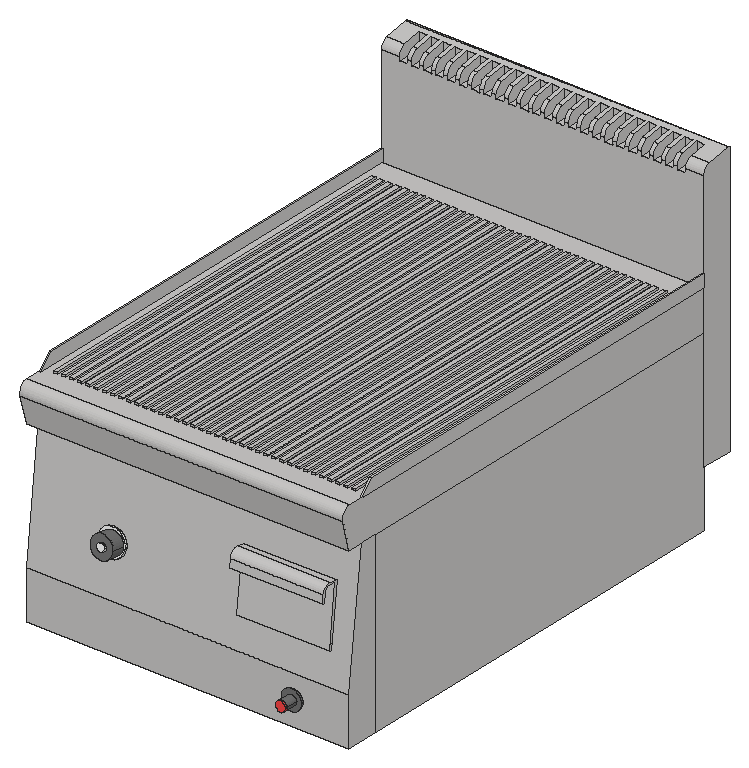
Revit family "QF_GIORIK_LGG4910", category Specialty Equipment, Revit 2014
Parameters (values of type "LGG4910")
  Weight in Pounds = 90.3894
  URL Cutsheet = "www.giorik.com"
  URL = "www.giorik.com"
  Status [instance] = ""
  Specification by User [instance] = ""
  Specification by Manufacturer = ""
  Show Logo [instance] = yes
  Show Clearance [instance] = yes
  Serial Number = ""
  Seismic Rating = ""
  SMACNA No = ""
  Revision Code [instance] = ""
  NAFEM Spec ID Number = ""
  Model = "LGG4910"
  Mechanical Remarks [instance] = "Natural Gas"
  Mechanical Connection Type [instance] = ""
  Masterspec = ""
  Manufacturer = "GIORIK"
  Item Number [instance] = ""
  Installed By [instance] = ""
  Identify Quantity as Lot [instance] = no
  Gas Size = 1"
  Gas RI Height [instance] = 0 mm
  Gas KW = 4.6
  Gas Input = 4600 W
  Gas Connection Height [instance] = 45 mm
  Furnished By [instance] = ""
  Foodservice Equipment Identifier [instance] = yes
  Description = "GRIDDLE RIBBED"
  CSI MasterFormat = ""
  Assembly Code = "E1090320"
Reference planes
  plane 1 "Back": y = 0
  plane 2: z = 0
  plane 3 "Left": x = 0
  plane 4 "Right": x = 400
  plane 5 "Front": y = -600
  plane 6 "Top": z = 430
Forms (mm)
  Extrusion 1, solid
    sketch origin (0, 1000, -580) x (0, 1, 0) y (0, 0, 1)
      loop
        line (-1040.007, 869.975) -> (-1589.445, 869.975)
        arc (-1589.445, 869.975) -> (-1598.171, 865.672) -> (-1600.069, 856.13) r 10.999
        line (-1600.069, 856.13) -> (-1590.388, 820) -> (-1040.007, 820) -> (-1040.007, 869.975)
    from 0 to 400
  Extrusion 2, solid
    sketch origin (0, 0, -560) x (0, 1, 0) y (0, 0, 1)
      loop
        line (-570.06, 849.975) -> (-40.007, 849.975) -> (-40.007, 865.387) -> (-554.648, 865.387) -> (-570.06, 849.975)
    from 0 to 1.85
  Extrusion 3, solid
    sketch origin (0, 0, -560) x (0, 1, 0) y (0, 0, 1)
      loop
        line (-40.007, 800) -> (-550, 800) -> (-550, 580) -> (-40.007, 580) -> (-40.007, 800)
    from 0 to 400
  Extrusion 4, solid
    sketch origin (0, 0, -560) x (0, 1, 0) y (0, 0, 1)
      loop
        line (-550, 800) -> (-570.5, 800) -> (-590, 640) -> (-590, 580) -> (-550, 580) -> (-550, 800)
    from 0 to 400
  Extrusion 5, solid
    sketch origin (398.094, 0, -560) x (0, 1, 0) y (0, 0, 1)
      loop
        line (-570.06, 849.975) -> (-40.007, 849.975) -> (-40.007, 865.387) -> (-554.648, 865.387) -> (-570.06, 849.975)
    from -0.15 to 1.906
  Extrusion 6, solid
    sketch origin (0, 0, -560) x (0, 1, 0) y (0, 0, 1)
      loop
        line (-40.007, 974.217) -> (-40.007, 650.827) -> (0, 650.827) -> (0, 988.42)
        arc (0, 988.42) -> (-0.57, 989.648) -> (-1.878, 990) r 1.6
        line (-1.878, 990) -> (-31.072, 984.852)
        arc (-31.072, 984.852) -> (-37.477, 981.162) -> (-40.007, 974.217) r 10.797
    from 0 to 400
  Extrusion 7, solid
    sketch origin (103.819, 0, -561) x (1, 0, 0) y (0, 0, 1)
      loop
        circle (-38.319, 606) r 12.5
    from 20.007 to 40.007
  Extrusion 8, void
    sketch origin (7.5, 0, 430) x (0, 1, 0) y (-1, 0, 0)
      loop
        line (-40.007, -25) -> (-9.931, -25) -> (-9.931, -15) -> (-40.007, -15) -> (-40.007, -25)
      loop
        line (-40.007, -40) -> (-9.931, -40) -> (-9.931, -30) -> (-40.007, -30) -> (-40.007, -40)
      loop
        line (-40.007, -55) -> (-9.931, -55) -> (-9.931, -45) -> (-40.007, -45) -> (-40.007, -55)
      loop
        line (-40.007, -70) -> (-9.931, -70) -> (-9.931, -60) -> (-40.007, -60) -> (-40.007, -70)
      loop
        line (-40.007, -85) -> (-9.931, -85) -> (-9.931, -75) -> (-40.007, -75) -> (-40.007, -85)
      loop
        line (-40.007, -100) -> (-9.931, -100) -> (-9.931, -90) -> (-40.007, -90) -> (-40.007, -100)
      loop
        line (-40.007, -115) -> (-9.931, -115) -> (-9.931, -105) -> (-40.007, -105) -> (-40.007, -115)
      loop
        line (-40.007, -130) -> (-9.931, -130) -> (-9.931, -120) -> (-40.007, -120) -> (-40.007, -130)
      loop
        line (-40.007, -145) -> (-9.931, -145) -> (-9.931, -135) -> (-40.007, -135) -> (-40.007, -145)
      loop
        line (-40.007, -160) -> (-9.931, -160) -> (-9.931, -150) -> (-40.007, -150) -> (-40.007, -160)
      loop
        line (-40.007, -175) -> (-9.931, -175) -> (-9.931, -165) -> (-40.007, -165) -> (-40.007, -175)
      loop
        line (-40.007, -190) -> (-9.931, -190) -> (-9.931, -180) -> (-40.007, -180) -> (-40.007, -190)
      loop
        line (-40.007, -205) -> (-9.931, -205) -> (-9.931, -195) -> (-40.007, -195) -> (-40.007, -205)
      loop
        line (-40.007, -220) -> (-9.931, -220) -> (-9.931, -210) -> (-40.007, -210) -> (-40.007, -220)
      loop
        line (-40.007, -235) -> (-9.931, -235) -> (-9.931, -225) -> (-40.007, -225) -> (-40.007, -235)
      loop
        line (-40.007, -250) -> (-9.931, -250) -> (-9.931, -240) -> (-40.007, -240) -> (-40.007, -250)
      loop
        line (-40.007, -265) -> (-9.931, -265) -> (-9.931, -255) -> (-40.007, -255) -> (-40.007, -265)
      loop
        line (-40.007, -280) -> (-9.931, -280) -> (-9.931, -270) -> (-40.007, -270) -> (-40.007, -280)
      loop
        line (-40.007, -295) -> (-9.931, -295) -> (-9.931, -285) -> (-40.007, -285) -> (-40.007, -295)
      loop
        line (-40.007, -310) -> (-9.931, -310) -> (-9.931, -300) -> (-40.007, -300) -> (-40.007, -310)
      loop
        line (-40.007, -325) -> (-9.931, -325) -> (-9.931, -315) -> (-40.007, -315) -> (-40.007, -325)
      loop
        line (-40.007, -340) -> (-9.931, -340) -> (-9.931, -330) -> (-40.007, -330) -> (-40.007, -340)
      loop
        line (-40.007, -355) -> (-9.931, -355) -> (-9.931, -345) -> (-40.007, -345) -> (-40.007, -355)
      loop
        line (-40.007, -370) -> (-9.931, -370) -> (-9.931, -360) -> (-40.007, -360) -> (-40.007, -370)
    from 0 to -20
  Extrusion 9, solid
    sketch origin (566.603, 15.293, -30) x (0, 1, 0) y (-1, 0, 0)
      loop
        circle (-79.293, 516.603) r 5
    from 41.965 to 50
  Revolve 10, solid
    sketch origin (50, 19.943, -600) x (0, 1, 0) y (0, 0, 1)
      loop
        line (-83.943, 611.965) -> (-94.752, 611.965) -> (-97.943, 600) -> (-83.943, 600) -> (-83.943, 611.965)
      axis (-83.943, 611.965) -> (-83.943, 600)
    angle from 0 to 360
  Extrusion 11, solid
    sketch origin (-166.603, 15.293, -30) x (0, 1, 0) y (-1, 0, 0)
      loop
        circle (-79.293, -516.603) r 5
    from 41.965 to 50
  Revolve 12, solid
    sketch origin (350, 19.943, -600) x (0, 1, 0) y (0, 0, -1)
      loop
        line (-83.943, -611.965) -> (-83.943, -600) -> (-97.943, -600) -> (-94.752, -611.965) -> (-83.943, -611.965)
      axis (-83.943, -611.965) -> (-83.943, -600)
    angle from 0 to 360
  Extrusion 13, solid
    sketch origin (566.603, -459.707, -30) x (0, 1, 0) y (-1, 0, 0)
      loop
        circle (-79.293, 516.603) r 5
    from 41.965 to 50
  Revolve 14, solid
    sketch origin (50, -455.057, -600) x (0, 1, 0) y (0, 0, 1)
      loop
        line (-83.943, 611.965) -> (-94.752, 611.965) -> (-97.943, 600) -> (-83.943, 600) -> (-83.943, 611.965)
      axis (-83.943, 611.965) -> (-83.943, 600)
    angle from 0 to 360
  Extrusion 15, solid
    sketch origin (-166.603, -459.707, -30) x (0, 1, 0) y (-1, 0, 0)
      loop
        circle (-79.293, -516.603) r 5
    from 41.965 to 50
  Revolve 16, solid
    sketch origin (350, -455.057, -600) x (0, 1, 0) y (0, 0, -1)
      loop
        line (-83.943, -611.965) -> (-83.943, -600) -> (-97.943, -600) -> (-94.752, -611.965) -> (-83.943, -611.965)
      axis (-83.943, -611.965) -> (-83.943, -600)
    angle from 0 to 360
  Extrusion 17, solid
    sketch origin (122.5, -695.138, -437.283) x (0, 0.992655, -0.12098) y (0, 0.12098, 0.992655)
      loop
        line (40, 640.1) -> (30, 640.1)
        arc (30, 640.1) -> (22.929, 637.171) -> (20, 630.1) r 10
        line (20, 630.1) -> (20, 620.1) -> (22, 620.1) -> (22, 630.1)
        arc (22, 630.1) -> (24.343, 635.757) -> (30, 638.1) r 8
        line (30, 638.1) -> (38, 638.1) -> (38, 565.1) -> (40, 565.1) -> (40, 640.1)
    from 137.5 to 252.5
  Extrusion 18, solid
    sketch origin (-160, 64.993, -573.525) x (1, 0, 0) y (0, 1, 0)
      loop
        line (172.5, -135) -> (172.5, -628.345) -> (177.5, -628.345) -> (177.5, -135) -> (172.5, -135)
      loop
        line (182.5, -135) -> (182.5, -628.345) -> (187.5, -628.345) -> (187.5, -135) -> (182.5, -135)
      loop
        line (192.5, -135) -> (192.5, -628.345) -> (197.5, -628.345) -> (197.5, -135) -> (192.5, -135)
      loop
        line (202.5, -135) -> (202.5, -628.345) -> (207.5, -628.345) -> (207.5, -135) -> (202.5, -135)
      loop
        line (212.5, -135) -> (212.5, -628.345) -> (217.5, -628.345) -> (217.5, -135) -> (212.5, -135)
      loop
        line (222.5, -135) -> (222.5, -628.345) -> (227.5, -628.345) -> (227.5, -135) -> (222.5, -135)
      loop
        line (232.5, -135) -> (232.5, -628.345) -> (237.5, -628.345) -> (237.5, -135) -> (232.5, -135)
      loop
        line (242.5, -135) -> (242.5, -628.345) -> (247.5, -628.345) -> (247.5, -135) -> (242.5, -135)
      loop
        line (252.5, -135) -> (252.5, -628.345) -> (257.5, -628.345) -> (257.5, -135) -> (252.5, -135)
      loop
        line (262.5, -135) -> (262.5, -628.345) -> (267.5, -628.345) -> (267.5, -135) -> (262.5, -135)
      loop
        line (272.5, -135) -> (272.5, -628.345) -> (277.5, -628.345) -> (277.5, -135) -> (272.5, -135)
      loop
        line (282.5, -135) -> (282.5, -628.345) -> (287.5, -628.345) -> (287.5, -135) -> (282.5, -135)
      loop
        line (292.5, -135) -> (292.5, -628.345) -> (297.5, -628.345) -> (297.5, -135) -> (292.5, -135)
      loop
        line (302.5, -135) -> (302.5, -628.345) -> (307.5, -628.345) -> (307.5, -135) -> (302.5, -135)
      loop
        line (312.5, -135) -> (312.5, -628.345) -> (317.5, -628.345) -> (317.5, -135) -> (312.5, -135)
      loop
        line (322.5, -135) -> (322.5, -628.345) -> (327.5, -628.345) -> (327.5, -135) -> (322.5, -135)
      loop
        line (332.5, -135) -> (332.5, -628.345) -> (337.5, -628.345) -> (337.5, -135) -> (332.5, -135)
      loop
        line (342.5, -135) -> (342.5, -628.345) -> (347.5, -628.345) -> (347.5, -135) -> (342.5, -135)
      loop
        line (352.5, -135) -> (352.5, -628.345) -> (357.5, -628.345) -> (357.5, -135) -> (352.5, -135)
      loop
        line (362.5, -135) -> (362.5, -628.345) -> (367.5, -628.345) -> (367.5, -135) -> (362.5, -135)
      loop
        line (372.5, -135) -> (372.5, -628.345) -> (377.5, -628.345) -> (377.5, -135) -> (372.5, -135)
      loop
        line (382.5, -135) -> (382.5, -628.345) -> (387.5, -628.345) -> (387.5, -135) -> (382.5, -135)
      loop
        line (392.5, -135) -> (392.5, -628.345) -> (397.5, -628.345) -> (397.5, -135) -> (392.5, -135)
      loop
        line (402.5, -135) -> (402.5, -628.345) -> (407.5, -628.345) -> (407.5, -135) -> (402.5, -135)
      loop
        line (412.5, -135) -> (412.5, -628.345) -> (417.5, -628.345) -> (417.5, -135) -> (412.5, -135)
      loop
        line (422.5, -135) -> (422.5, -628.345) -> (427.5, -628.345) -> (427.5, -135) -> (422.5, -135)
      loop
        line (432.5, -135) -> (432.5, -628.345) -> (437.5, -628.345) -> (437.5, -135) -> (432.5, -135)
      loop
        line (442.5, -135) -> (442.5, -628.345) -> (447.5, -628.345) -> (447.5, -135) -> (442.5, -135)
      loop
        line (452.5, -135) -> (452.5, -628.345) -> (457.5, -628.345) -> (457.5, -135) -> (452.5, -135)
      loop
        line (462.5, -135) -> (462.5, -628.345) -> (467.5, -628.345) -> (467.5, -135) -> (462.5, -135)
      loop
        line (472.5, -135) -> (472.5, -628.345) -> (477.5, -628.345) -> (477.5, -135) -> (472.5, -135)
      loop
        line (482.5, -135) -> (482.5, -628.345) -> (487.5, -628.345) -> (487.5, -135) -> (482.5, -135)
      loop
        line (492.5, -135) -> (492.5, -628.345) -> (497.5, -628.345) -> (497.5, -135) -> (492.5, -135)
      loop
        line (502.5, -135) -> (502.5, -628.345) -> (507.5, -628.345) -> (507.5, -135) -> (502.5, -135)
      loop
        line (512.5, -135) -> (512.5, -628.345) -> (517.5, -628.345) -> (517.5, -135) -> (512.5, -135)
      loop
        line (522.5, -135) -> (522.5, -628.345) -> (527.5, -628.345) -> (527.5, -135) -> (522.5, -135)
      loop
        line (532.5, -135) -> (532.5, -628.345) -> (537.5, -628.345) -> (537.5, -135) -> (532.5, -135)
      loop
        line (542.5, -135) -> (542.5, -628.345) -> (547.5, -628.345) -> (547.5, -135) -> (542.5, -135)
    from 863.5 to 865.5
  Extrusion 19, solid
    sketch origin (101, -611.604, -97.266) x (1, 0, 0) y (0, 0.12098, 0.992655)
      loop
        circle (0, 240) r 14
    from 0 to 17.552
  Extrusion 20, solid
    sketch origin (101, -611.604, -97.266) x (1, 0, 0) y (0, 0.12098, 0.992655)
      loop
        circle (0, 240) r 17
    from 0 to 1.96
  Extrusion 21, solid
    sketch origin (31, -20.893, -68.392) x (1, 0, 0) y (0, 0.12098, 0.992655)
      loop
        circle (70, 139.874) r 5
    from 601.431 to 599.431
  Extrusion 22, solid
    sketch origin (291.298, -565.606, -661.693) x (1, 0, 0) y (0, 0.001091, 0.999999)
      loop
        circle (38.702, 711.666) r 12.5
    from 25 to 27
  Extrusion 23, solid
    sketch origin (-434.91, -592.613, -668.086) x (1, 0, 0) y (0, 0.001091, 0.999999)
      loop
        circle (764.91, 718.089) r 6
    from 0 to 15
  Extrusion 24, solid
    sketch origin (-434.91, -593.775, -668.085) x (1, 0, 0) y (0, 0.001091, 0.999999)
      loop
        circle (764.91, 718.089) r 6
    from 13.838 to 15.838
Cuts and joins
  Extrusion 8 cuts Extrusion 6
Lines and regions (mm)
  symbolic lines, style "200-EquipBorder-2D"
    curve 1: line (400, 0, 0) -> (0, 0, 0)
    curve 2: line (0, 0, 0) -> (0, -600, 0)
    curve 80: line (0, -600, 430) -> (400, -600, 430)
    curve 81: line (400, -600, 430) -> (400, 0, 430)
    curve 234: line (324, -608.829, 430) -> (324, -600, 430)
    curve 235: line (324, -608.829, 430) -> (336, -608.829, 430)
    curve 236: line (336, -608.829, 430) -> (336, -600, 430)
  symbolic lines, style "200-EquipInternal-2D"
    curve 3: line (400, -40.007, 430) -> (0, -40.007, 430)
    curve 4: line (397.944, -570.06, 430) -> (400, -570.06, 430)
    curve 5: line (397.944, -40.007, 430) -> (397.944, -570.06, 430)
    curve 6: line (0, -570.06, 430) -> (1.85, -570.06, 430)
    curve 7: line (1.85, -570.06, 430) -> (1.85, -40.007, 430)
    curve 8: line (22.5, -9.931, 290) -> (22.5, -40.007, 290)
    curve 9: line (32.5, -40.007, 290) -> (32.5, -9.931, 290)
    curve 10: line (37.5, -9.931, 290) -> (37.5, -40.007, 290)
    curve 11: line (47.5, -40.007, 290) -> (47.5, -9.931, 290)
    curve 12: line (52.5, -9.931, 290) -> (52.5, -40.007, 290)
    curve 13: line (62.5, -40.007, 290) -> (62.5, -9.931, 290)
    curve 14: line (82.5, -9.931, 290) -> (82.5, -40.007, 290)
    curve 15: line (92.5, -40.007, 290) -> (92.5, -9.931, 290)
    curve 16: line (97.5, -9.931, 290) -> (97.5, -40.007, 290)
    curve 17: line (107.5, -40.007, 290) -> (107.5, -9.931, 290)
    curve 18: line (137.5, -40.007, 290) -> (137.5, -9.931, 290)
    curve 19: line (127.5, -9.931, 290) -> (127.5, -40.007, 290)
    curve 20: line (152.5, -40.007, 290) -> (152.5, -9.931, 290)
    curve 21: line (157.5, -9.931, 290) -> (157.5, -40.007, 290)
    curve 22: line (167.5, -40.007, 290) -> (167.5, -9.931, 290)
    curve 23: line (142.5, -9.931, 290) -> (142.5, -40.007, 290)
    curve 24: line (197.5, -40.007, 290) -> (197.5, -9.931, 290)
    curve 25: line (187.5, -9.931, 290) -> (187.5, -40.007, 290)
    curve 26: line (202.5, -9.931, 290) -> (202.5, -40.007, 290)
    curve 27: line (212.5, -40.007, 290) -> (212.5, -9.931, 290)
    curve 28: line (217.5, -9.931, 290) -> (217.5, -40.007, 290)
    curve 29: line (227.5, -40.007, 290) -> (227.5, -9.931, 290)
    curve 30: line (247.5, -9.931, 290) -> (247.5, -40.007, 290)
    curve 31: line (257.5, -40.007, 290) -> (257.5, -9.931, 290)
    curve 32: line (262.5, -9.931, 290) -> (262.5, -40.007, 290)
    curve 33: line (272.5, -40.007, 290) -> (272.5, -9.931, 290)
    curve 34: line (277.5, -9.931, 290) -> (277.5, -40.007, 290)
    curve 35: line (287.5, -40.007, 290) -> (287.5, -9.931, 290)
    curve 36: line (317.5, -40.007, 290) -> (317.5, -9.931, 290)
    curve 37: line (307.5, -9.931, 290) -> (307.5, -40.007, 290)
    curve 38: line (332.5, -40.007, 290) -> (332.5, -9.931, 290)
    curve 39: line (322.5, -9.931, 290) -> (322.5, -40.007, 290)
    curve 40: line (337.5, -9.931, 290) -> (337.5, -40.007, 290)
    curve 41: line (347.5, -40.007, 290) -> (347.5, -9.931, 290)
    curve 42: line (367.5, -9.931, 290) -> (367.5, -40.007, 290)
    curve 43: line (377.5, -40.007, 290) -> (377.5, -9.931, 290)
    curve 44: line (377.5, -9.931, 290) -> (367.5, -9.931, 290)
    curve 45: line (347.5, -9.931, 290) -> (337.5, -9.931, 290)
    curve 46: line (332.5, -9.931, 290) -> (322.5, -9.931, 290)
    curve 47: line (317.5, -9.931, 290) -> (307.5, -9.931, 290)
    curve 48: line (272.5, -9.931, 290) -> (262.5, -9.931, 290)
    curve 49: line (107.5, -9.931, 290) -> (97.5, -9.931, 290)
    curve 50: line (92.5, -9.931, 290) -> (82.5, -9.931, 290)
    curve 51: line (62.5, -9.931, 290) -> (52.5, -9.931, 290)
    curve 52: line (32.5, -9.931, 290) -> (22.5, -9.931, 290)
    curve 53: line (137.5, -9.931, 290) -> (127.5, -9.931, 290)
    curve 54: line (152.5, -9.931, 290) -> (142.5, -9.931, 290)
    curve 55: line (167.5, -9.931, 290) -> (157.5, -9.931, 290)
    curve 56: line (197.5, -9.931, 290) -> (187.5, -9.931, 290)
    curve 57: line (212.5, -9.931, 290) -> (202.5, -9.931, 290)
    curve 58: line (227.5, -9.931, 290) -> (217.5, -9.931, 290)
    curve 59: line (257.5, -9.931, 290) -> (247.5, -9.931, 290)
    curve 60: line (47.5, -9.931, 290) -> (37.5, -9.931, 290)
    curve 61: line (67.5, -9.931, 430) -> (67.5, -40.007, 430)
    curve 62: line (77.5, -40.007, 430) -> (77.5, -9.931, 430)
    curve 63: line (77.5, -9.931, 430) -> (67.5, -9.931, 430)
    curve 64: line (112.5, -9.931, 430) -> (112.5, -40.007, 430)
    curve 65: line (122.5, -40.007, 430) -> (122.5, -9.931, 430)
    curve 66: line (122.5, -9.931, 430) -> (112.5, -9.931, 430)
    curve 67: line (172.5, -9.931, 430) -> (172.5, -40.007, 430)
    curve 68: line (182.5, -40.007, 430) -> (182.5, -9.931, 430)
    curve 69: line (182.5, -9.931, 430) -> (172.5, -9.931, 430)
    curve 70: line (232.5, -9.931, 430) -> (232.5, -40.007, 430)
    curve 71: line (242.5, -40.007, 430) -> (242.5, -9.931, 430)
    curve 72: line (242.5, -9.931, 430) -> (232.5, -9.931, 430)
    curve 73: line (287.5, -9.931, 430) -> (277.5, -9.931, 430)
    curve 74: line (302.5, -9.931, 430) -> (292.5, -9.931, 430)
    curve 75: line (292.5, -9.931, 430) -> (292.5, -40.007, 430)
    curve 76: line (302.5, -40.007, 430) -> (302.5, -9.931, 430)
    curve 77: line (352.5, -9.931, 430) -> (352.5, -40.007, 430)
    curve 78: line (362.5, -40.007, 430) -> (362.5, -9.931, 430)
    curve 79: line (362.5, -9.931, 430) -> (352.5, -9.931, 430)
    curve 82: line (17.5, -70.007, 290) -> (12.5, -70.007, 290)
    curve 83: line (27.5, -70.007, 290) -> (22.5, -70.007, 290)
    curve 84: line (37.5, -70.007, 290) -> (32.5, -70.007, 290)
    curve 85: line (47.5, -70.007, 290) -> (42.5, -70.007, 290)
    curve 86: line (57.5, -70.007, 290) -> (52.5, -70.007, 290)
    curve 87: line (67.5, -70.007, 290) -> (62.5, -70.007, 290)
    curve 88: line (77.5, -70.007, 290) -> (72.5, -70.007, 290)
    curve 89: line (87.5, -70.007, 290) -> (82.5, -70.007, 290)
    curve 90: line (97.5, -70.007, 290) -> (92.5, -70.007, 290)
    curve 91: line (92.5, -70.007, 290) -> (92.5, -563.352, 290)
    curve 92: line (87.5, -563.352, 290) -> (87.5, -70.007, 290)
    curve 93: line (82.5, -70.007, 290) -> (82.5, -563.352, 290)
    curve 94: line (77.5, -563.352, 290) -> (77.5, -70.007, 290)
    curve 95: line (72.5, -70.007, 290) -> (72.5, -563.352, 290)
    curve 96: line (62.5, -70.007, 290) -> (62.5, -563.352, 290)
    curve 97: line (67.5, -563.352, 290) -> (67.5, -70.007, 290)
    curve 98: line (57.5, -563.352, 290) -> (57.5, -70.007, 290)
    curve 99: line (52.5, -70.007, 290) -> (52.5, -563.352, 290)
    curve 100: line (47.5, -563.352, 290) -> (47.5, -70.007, 290)
    curve 101: line (42.5, -70.007, 290) -> (42.5, -563.352, 290)
    curve 102: line (37.5, -563.352, 290) -> (37.5, -70.007, 290)
    curve 103: line (32.5, -70.007, 290) -> (32.5, -563.352, 290)
    curve 104: line (22.5, -70.007, 290) -> (22.5, -563.352, 290)
    curve 105: line (17.5, -563.352, 290) -> (17.5, -70.007, 290)
    curve 106: line (12.5, -70.007, 290) -> (12.5, -563.352, 290)
    curve 107: line (27.5, -563.352, 290) -> (27.5, -70.007, 290)
    curve 108: line (167.5, -563.352, 290) -> (167.5, -70.007, 290)
    curve 109: line (162.5, -70.007, 290) -> (162.5, -563.352, 290)
    curve 110: line (157.5, -563.352, 290) -> (157.5, -70.007, 290)
    curve 111: line (152.5, -70.007, 290) -> (152.5, -563.352, 290)
    curve 112: line (147.5, -563.352, 290) -> (147.5, -70.007, 290)
    curve 113: line (142.5, -70.007, 290) -> (142.5, -563.352, 290)
    curve 114: line (137.5, -563.352, 290) -> (137.5, -70.007, 290)
    curve 115: line (132.5, -70.007, 290) -> (132.5, -563.352, 290)
    curve 116: line (127.5, -563.352, 290) -> (127.5, -70.007, 290)
    curve 117: line (122.5, -70.007, 290) -> (122.5, -563.352, 290)
    curve 118: line (117.5, -563.352, 290) -> (117.5, -70.007, 290)
    curve 119: line (112.5, -70.007, 290) -> (112.5, -563.352, 290)
    curve 120: line (107.5, -563.352, 290) -> (107.5, -70.007, 290)
    curve 121: line (102.5, -70.007, 290) -> (102.5, -563.352, 290)
    curve 122: line (97.5, -563.352, 290) -> (97.5, -70.007, 290)
    curve 123: line (107.5, -70.007, 290) -> (102.5, -70.007, 290)
    curve 124: line (117.5, -70.007, 290) -> (112.5, -70.007, 290)
    curve 125: line (127.5, -70.007, 290) -> (122.5, -70.007, 290)
    curve 126: line (137.5, -70.007, 290) -> (132.5, -70.007, 290)
    curve 127: line (147.5, -70.007, 290) -> (142.5, -70.007, 290)
    curve 128: line (157.5, -70.007, 290) -> (152.5, -70.007, 290)
    curve 129: line (167.5, -70.007, 290) -> (162.5, -70.007, 290)
    curve 130: line (172.5, -70.007, 290) -> (172.5, -563.352, 290)
    curve 131: line (177.5, -563.352, 290) -> (177.5, -70.007, 290)
    curve 132: line (182.5, -70.007, 290) -> (182.5, -563.352, 290)
    curve 133: line (187.5, -563.352, 290) -> (187.5, -70.007, 290)
    curve 134: line (192.5, -70.007, 290) -> (192.5, -563.352, 290)
    curve 135: line (197.5, -563.352, 290) -> (197.5, -70.007, 290)
    curve 136: line (202.5, -70.007, 290) -> (202.5, -563.352, 290)
    curve 137: line (207.5, -563.352, 290) -> (207.5, -70.007, 290)
    curve 138: line (212.5, -70.007, 290) -> (212.5, -563.352, 290)
    curve 139: line (217.5, -563.352, 290) -> (217.5, -70.007, 290)
    curve 140: line (222.5, -70.007, 290) -> (222.5, -563.352, 290)
    curve 141: line (227.5, -563.352, 290) -> (227.5, -70.007, 290)
    curve 142: line (232.5, -70.007, 290) -> (232.5, -563.352, 290)
    curve 143: line (237.5, -563.352, 290) -> (237.5, -70.007, 290)
    curve 144: line (242.5, -70.007, 290) -> (242.5, -563.352, 290)
    curve 145: line (247.5, -563.352, 290) -> (247.5, -70.007, 290)
    curve 146: line (252.5, -70.007, 290) -> (252.5, -563.352, 290)
    curve 147: line (257.5, -563.352, 290) -> (257.5, -70.007, 290)
    curve 148: line (262.5, -70.007, 290) -> (262.5, -563.352, 290)
    curve 149: line (267.5, -563.352, 290) -> (267.5, -70.007, 290)
    curve 150: line (272.5, -70.007, 290) -> (272.5, -563.352, 290)
    curve 151: line (277.5, -563.352, 290) -> (277.5, -70.007, 290)
    curve 152: line (282.5, -70.007, 290) -> (282.5, -563.352, 290)
    curve 153: line (287.5, -563.352, 290) -> (287.5, -70.007, 290)
    curve 154: line (292.5, -70.007, 290) -> (292.5, -563.352, 290)
    curve 155: line (297.5, -563.352, 290) -> (297.5, -70.007, 290)
    curve 156: line (302.5, -70.007, 290) -> (302.5, -563.352, 290)
    curve 157: line (307.5, -563.352, 290) -> (307.5, -70.007, 290)
    curve 158: line (312.5, -70.007, 290) -> (312.5, -563.352, 290)
    curve 159: line (317.5, -563.352, 290) -> (317.5, -70.007, 290)
    curve 160: line (322.5, -70.007, 290) -> (322.5, -563.352, 290)
    curve 161: line (327.5, -563.352, 290) -> (327.5, -70.007, 290)
    curve 162: line (337.5, -563.352, 290) -> (337.5, -70.007, 290)
    curve 163: line (332.5, -70.007, 290) -> (332.5, -563.352, 290)
    curve 164: line (342.5, -70.007, 290) -> (342.5, -563.352, 290)
    curve 165: line (347.5, -563.352, 290) -> (347.5, -70.007, 290)
    curve 166: line (352.5, -70.007, 290) -> (352.5, -563.352, 290)
    curve 167: line (357.5, -563.352, 290) -> (357.5, -70.007, 290)
    curve 168: line (362.5, -70.007, 290) -> (362.5, -563.352, 290)
    curve 169: line (367.5, -563.352, 290) -> (367.5, -70.007, 290)
    curve 170: line (372.5, -70.007, 290) -> (372.5, -563.352, 290)
    curve 171: line (377.5, -563.352, 290) -> (377.5, -70.007, 290)
    curve 172: line (382.5, -70.007, 290) -> (382.5, -563.352, 290)
    curve 173: line (387.5, -563.352, 290) -> (387.5, -70.007, 290)
    curve 174: line (387.5, -70.007, 290) -> (382.5, -70.007, 290)
    curve 175: line (377.5, -70.007, 290) -> (372.5, -70.007, 290)
    curve 176: line (367.5, -70.007, 290) -> (362.5, -70.007, 290)
    curve 177: line (357.5, -70.007, 290) -> (352.5, -70.007, 290)
    curve 178: line (347.5, -70.007, 290) -> (342.5, -70.007, 290)
    curve 179: line (337.5, -70.007, 290) -> (332.5, -70.007, 290)
    curve 180: line (327.5, -70.007, 290) -> (322.5, -70.007, 290)
    curve 181: line (317.5, -70.007, 290) -> (312.5, -70.007, 290)
    curve 182: line (307.5, -70.007, 290) -> (302.5, -70.007, 290)
    curve 183: line (297.5, -70.007, 290) -> (292.5, -70.007, 290)
    curve 184: line (287.5, -70.007, 290) -> (282.5, -70.007, 290)
    curve 185: line (277.5, -70.007, 290) -> (272.5, -70.007, 290)
    curve 186: line (267.5, -70.007, 290) -> (262.5, -70.007, 290)
    curve 187: line (257.5, -70.007, 290) -> (252.5, -70.007, 290)
    curve 188: line (247.5, -70.007, 290) -> (242.5, -70.007, 290)
    curve 189: line (237.5, -70.007, 290) -> (232.5, -70.007, 290)
    curve 190: line (227.5, -70.007, 290) -> (222.5, -70.007, 290)
    curve 191: line (177.5, -70.007, 290) -> (172.5, -70.007, 290)
    curve 192: line (187.5, -70.007, 290) -> (182.5, -70.007, 290)
    curve 193: line (197.5, -70.007, 290) -> (192.5, -70.007, 290)
    curve 194: line (207.5, -70.007, 290) -> (202.5, -70.007, 290)
    curve 195: line (217.5, -70.007, 290) -> (212.5, -70.007, 290)
    curve 196: line (17.5, -563.352, 290) -> (12.5, -563.352, 290)
    curve 197: line (27.5, -563.352, 290) -> (22.5, -563.352, 290)
    curve 198: line (37.5, -563.352, 290) -> (32.5, -563.352, 290)
    curve 199: line (47.5, -563.352, 290) -> (42.5, -563.352, 290)
    curve 200: line (57.5, -563.352, 290) -> (52.5, -563.352, 290)
    curve 201: line (67.5, -563.352, 290) -> (62.5, -563.352, 290)
    curve 202: line (77.5, -563.352, 290) -> (72.5, -563.352, 290)
    curve 203: line (87.5, -563.352, 290) -> (82.5, -563.352, 290)
    curve 204: line (97.5, -563.352, 290) -> (92.5, -563.352, 290)
    curve 205: line (107.5, -563.352, 290) -> (102.5, -563.352, 290)
    curve 206: line (117.5, -563.352, 290) -> (112.5, -563.352, 290)
    curve 207: line (127.5, -563.352, 290) -> (122.5, -563.352, 290)
    curve 208: line (137.5, -563.352, 290) -> (132.5, -563.352, 290)
    curve 209: line (147.5, -563.352, 290) -> (142.5, -563.352, 290)
    curve 210: line (157.5, -563.352, 290) -> (152.5, -563.352, 290)
    curve 211: line (167.5, -563.352, 290) -> (162.5, -563.352, 290)
    curve 212: line (387.5, -563.352, 290) -> (382.5, -563.352, 290)
    curve 213: line (377.5, -563.352, 290) -> (372.5, -563.352, 290)
    curve 214: line (367.5, -563.352, 290) -> (362.5, -563.352, 290)
    curve 215: line (357.5, -563.352, 290) -> (352.5, -563.352, 290)
    curve 216: line (347.5, -563.352, 290) -> (342.5, -563.352, 290)
    curve 217: line (337.5, -563.352, 290) -> (332.5, -563.352, 290)
    curve 218: line (327.5, -563.352, 290) -> (322.5, -563.352, 290)
    curve 219: line (317.5, -563.352, 290) -> (312.5, -563.352, 290)
    curve 220: line (307.5, -563.352, 290) -> (302.5, -563.352, 290)
    curve 221: line (297.5, -563.352, 290) -> (292.5, -563.352, 290)
    curve 222: line (287.5, -563.352, 290) -> (282.5, -563.352, 290)
    curve 223: line (277.5, -563.352, 290) -> (272.5, -563.352, 290)
    curve 224: line (267.5, -563.352, 290) -> (262.5, -563.352, 290)
    curve 225: line (257.5, -563.352, 290) -> (252.5, -563.352, 290)
    curve 226: line (247.5, -563.352, 290) -> (242.5, -563.352, 290)
    curve 227: line (237.5, -563.352, 290) -> (232.5, -563.352, 290)
    curve 228: line (227.5, -563.352, 290) -> (222.5, -563.352, 290)
    curve 229: line (177.5, -563.352, 290) -> (172.5, -563.352, 290)
    curve 230: line (187.5, -563.352, 290) -> (182.5, -563.352, 290)
    curve 231: line (197.5, -563.352, 290) -> (192.5, -563.352, 290)
    curve 232: line (207.5, -563.352, 290) -> (202.5, -563.352, 290)
    curve 233: line (217.5, -563.352, 290) -> (212.5, -563.352, 290)
Dimensions and locks
  plane 3 "Left" to plane 4 "Right" = 400 mm
  plane 5 "Front" to plane 1 "Back" = 600 mm
  plane 4 "Right" to plane 3 "Left" = 400 mm
  plane 1 "Back" to plane 5 "Front" = 600 mm
  plane 6 "Top" to level = 430 mm  (x2)
  aligned and locked: level to plane 2
Connectors
  piping at (65.5, -20.007, 45), diameter 25.4, driven by "Gas Size"
    settings: on Extrusion 7, index 1, connector inside diameter 24", connector length 0 mm, flow factor 0, pipe flow 0.0 L/s, pressure drop 0.0 Pa, fitting loss kfactor 0, connector angle 0.00°, fixture units 0, engagement length 0 mm, angle of deflection 0.00°, flow configuration 1, flow direction 1, fitting loss method 0, system type 22, joint type 0, gender type 0, connector reference index -1, connector utility 0, adjustable connector no, is connector primary yes, connector description "Gas Inlet"
